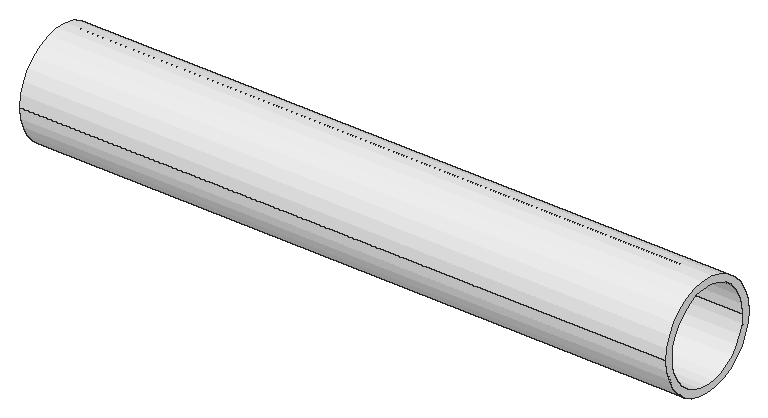
Revit family
Parameters (values of type "CHS193.7x12.5")
  t = 12.5 mm
  W = 0.54819
  Start Extension Calculation [instance] = 3012.5 mm + Start Extension  # 3000 mm
  Start Extension [instance] = -12.5 mm
  Length [instance] = 1500 mm
  OD = 193.7 mm
  End Extension Calculation [instance] = 3012.5 mm + End Extension  # 3000 mm
  End Extension [instance] = -12.5 mm
  Beam Material [instance] = Metal - Steel - 345 MPa
  Assembly Code = ""
  A = 0.007 m²
Reference planes
  plane 1 "Center (Front/Back)": y = 0
  plane 2: z = 0
  plane 3 "Center (Left/Right)": x = 4.61
  plane 4 "Member Left": x = -604.99
  plane 5 "Member Right": x = 614.21
  plane 6: y = 96.85
  plane 7: y = -96.85
  plane 8 "Top": z = 96.85
  plane 9: z = -96.85
  plane 10 "Left": x = -757.39
  plane 11 "Right": x = 742.61
  plane 12: x = -604.99
  plane 13: x = 614.21
  plane 14: x = 2395.01
  plane 15: x = -2385.79
Forms (mm)
  Extrusion 1, solid, material "Metal - Steel - 345 MPa" <- "Beam Material", detail levels medium+fine
    sketch origin (4.61, 0, 0) x (0, 1, 0) y (0, 0, 1)
      loop
        circle (0, 0) r 96.85
      loop
        circle (0, 0) r 84.35
    from -609.6 to 609.6
Lines and regions (mm)
  symbolic lines, style "Stick Symbols", detail levels coarse
    curve 1: arc (0, 96.85, 0) -> (0, 0, -96.85) -> (0, -96.85, 0) r 96.85
    curve 2: arc (0, -96.85, 0) -> (0, 0, 96.85) -> (0, 96.85, 0) r 96.85
Dimensions and locks
  "OD": plane 6 to plane 7
  "OD": plane 9 to plane 8 "Top"
  equal spacing: plane 9, plane 2, plane 8 "Top"
  equal spacing: plane 6, plane 1 "Center (Front/Back)", plane 7
  "Length": plane 10 "Left" to plane 11 "Right"
  "t": plane 6 to Extrusion 1 sketch curve
  "t": Extrusion 1 sketch curve to plane 7
  "Start Extension Calculation": plane 12 to plane 14
  "End Extension Calculation": plane 15 to plane 13
  locked: plane 4 "Member Left" to plane 14 at 3000
  locked: plane 15 to plane 5 "Member Right" at 3000
  aligned and locked: plane 12 to Extrusion 1
  aligned and locked: Extrusion 1 to plane 13
Automatic sketch dimensions
  curve 1 to level = 0 mm
  curve 1 to plane 7 = 0 mm
  curve 1 to plane 1 "Center (Front/Back)" = 0 mm
  Extrusion 1 sketch curve to Extrusion 1 sketch curve = 0 mm  (x2)
  Extrusion 1 sketch curve to level = 0 mm
  Extrusion 1 sketch curve to plane 7 = 0 mm
